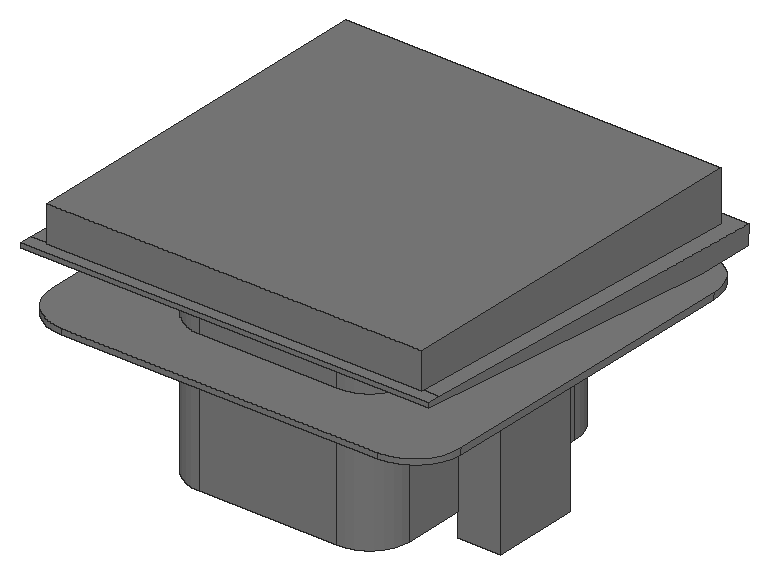
Revit family "Gira_260565", category Electrical Fixtures, host Face, Revit 2017
Family settings
  Host = Face
  Maintain Annotation Orientation = Yes
  Round Connector Dimension = Use Diameter
  Part Type = Normal
  Cut with Voids When Loaded = No
  Shared = No
  Room Calculation Point = No
Parameters (values of type "Gira Keyless In Codetastatur Gira TX_44 (WG UP) F Alu")
  Werkstoffgüte = "sonstige"
  Werkstoff = "sonstige"
  URL = "http://katalog.gira.de/de_DE/datenblatt.html?artikelnr=260565"
  Transparent = "No"
  Schutzart (IP) = "IP44"
  Region = "DE"
  Oberfläche = "sonstige"
  Name = "Gira Keyless In Codetastatur Gira TX_44 (WG UP) F Alu"
  Montageart = "unter Putz"
  Mit Busankopplung = "Yes"
  Manufacturer URL = "https://www.gira.de/"
  Keynote = "TX44_Komplettgerät_Schalten und Tasten"
  HeinzeBIM = "https://bimportal.heinze.de/bim/gira-keyless-in-codetastatur-gira-tx-44-wg-up-f-alu/368e647f0b333f7c847c57f4b0c4be24b2732564"
  HAN = "260565"
  GTIN = "4010337051411"
  Farbe = "aluminium"
  Default Elevation = 1219.2 mm
  Data sheet (1) = "https://katalog.gira.de/de_DE/download.html?artikelnr=260565"
  Category = "Bussystem-Zutrittskontrolleinrichtung"
  Bussystem Powernet = "No"
  Bussystem LON = "No"
  Bussystem KNX-Funk = "No"
  Bussystem KNX = "No"
  Bussystem Funkbus = "No"
  Available = "Yes"
  Ausführung der Oberfläche = "nicht zutreffend"
  Ausführung = "Codeschloss"
  Andere Bussysteme = "sonstige"
Reference planes
  plane 1 "Center (Front/Back)": y = 0
  plane 2 "Reference Level 0": z = 0
  plane 3 "Center (Left/Right)": x = 0
  plane 4: z = -28.6
Forms (mm)
  Extrusion 1, solid, material "Default", detail levels fine
    sketch origin (0, 0, 0) x (1, 0, 0) y (0, 1, 0)
      loop
        line (-32.604, 32.5) -> (-32.604, -32.5) -> (32.735, -32.5) -> (32.735, 32.5) -> (-32.604, 32.5)
    from 0 to 12.3
  Extrusion 2, solid, material "Default", detail levels fine
    sketch origin (0, 0, 0) x (0, 1, 0) y (0, 0, 1)
      loop
        line (35, 3.483) -> (-32.2, 6) -> (-34.55, 6) -> (-34.536, 5.199) -> (24.886, 0) -> (34.939, 0) -> (35, 3.483)
    from -35.5 to 35.5
  Extrusion 3, void
    sketch origin (0, 0, 0) x (0, 1, 0) y (0, 0, 1)
      loop
        line (42.419, 3.205) -> (-32.2, 6) -> (-42.193, 6) -> (-42.193, -11.826) -> (42.419, -11.826) -> (42.419, 3.205)
    from -64.194 to 61.264
  Extrusion 4, solid, material "Default", detail levels fine
    sketch origin (0, 0, 0) x (1, 0, 0) y (0, 1, 0)
      loop
        arc (35.5, 27.5) -> (33.157, 33.157) -> (27.5, 35.5) r 8
        line (27.5, 35.5) -> (-27.5, 35.5)
        arc (-27.5, 35.5) -> (-33.157, 33.157) -> (-35.5, 27.5) r 8
        line (-35.5, 27.5) -> (-35.5, -27.5)
        arc (-35.5, -27.5) -> (-33.157, -33.157) -> (-27.5, -35.5) r 8
        line (-27.5, -35.5) -> (27.5, -35.5)
        arc (27.5, -35.5) -> (33.157, -33.157) -> (35.5, -27.5) r 8
        line (35.5, -27.5) -> (35.5, 27.5)
    from -4.1 to -5.1
  Extrusion 5, solid, material "Default", detail levels fine
    sketch origin (0, 0, 0) x (1, 0, 0) y (0, 1, 0)
      loop
        arc (-12, 25) -> (-16.95, 22.95) -> (-19, 18) r 7
        line (-19, 18) -> (-19, -18)
        arc (-19, -18) -> (-16.95, -22.95) -> (-12, -25) r 7
        line (-12, -25) -> (12, -25)
        arc (12, -25) -> (16.95, -22.95) -> (19, -18) r 7
        line (19, -18) -> (19, 18)
        arc (19, 18) -> (16.95, 22.95) -> (12, 25) r 7
        line (12, 25) -> (-12, 25)
    from 4.692 to -28.6
  Extrusion 6, solid, material "Default", detail levels fine
    sketch origin (0, 0, 0) x (1, 0, 0) y (0, 1, 0)
      loop
        line (-26.5, -7.5) -> (-19, -7.5) -> (-19, 7.5) -> (-26.5, 7.5) -> (-26.5, -7.5)
    from -5.1 to -32.6
  Extrusion 7, solid, material "Default", detail levels fine
    sketch origin (0, 0, 0) x (-1, 0, 0) y (0, -1, 0)
      loop
        line (-26.5, 7.5) -> (-26.5, -7.5) -> (-19, -7.5) -> (-19, 7.5) -> (-26.5, 7.5)
    from -5.1 to -32.6
  Extrusion 8, solid, material "Default", detail levels medium
    sketch origin (0, 0, 0) x (1, 0, 0) y (0, 1, 0)
      loop
        line (-32.604, 32.5) -> (-32.604, -32.5) -> (32.735, -32.5) -> (32.735, 32.5) -> (-32.604, 32.5)
    from 0 to 12.3
  Extrusion 9, solid, material "Default", detail levels medium
    sketch origin (0, 0, 0) x (0, 1, 0) y (0, 0, 1)
      loop
        line (35, 3.483) -> (-32.2, 6) -> (-34.55, 6) -> (-34.445, 0) -> (34.939, 0) -> (35, 3.483)
    from -35.5 to 35.5
  Extrusion 10, solid, material "Default", detail levels medium
    sketch origin (0, 0, 0) x (1, 0, 0) y (0, 1, 0)
      loop
        line (-26.5, 25) -> (-26.5, -25) -> (26.5, -25) -> (26.5, 25) -> (-26.5, 25)
    from 4.692 to -32.6
  Extrusion 11, solid, material "Default", detail levels medium
    sketch origin (0, 0, 0) x (1, 0, 0) y (0, 1, 0)
      loop
        line (35.5, 35.5) -> (-35.5, 35.5) -> (-35.5, -35.5) -> (35.5, -35.5) -> (35.5, 35.5)
    from -4.1 to -5.1
  Extrusion 12, solid, material "Default", detail levels coarse
    sketch origin (0, 0, 0) x (1, 0, 0) y (0, 1, 0)
      loop
        line (35.5, 35.5) -> (-35.5, 35.5) -> (-35.5, -35.5) -> (35.5, -35.5) -> (35.5, 35.5)
    from -32.6 to 12.3
Cuts and joins
  Extrusion 3 cuts Extrusion 1
  joined: Extrusion 1, Extrusion 2, Extrusion 4, Extrusion 5, Extrusion 6, Extrusion 7
Dimensions and locks
  Extrusion 12 to Extrusion 12 = 44.9 mm
  aligned and locked: plane 2 "Reference Level 0" to host face
  aligned and locked: level to host face
  aligned and locked: plane 3 "Center (Left/Right)" to nested 1
  aligned and locked: plane 1 "Center (Front/Back)" to nested 1
Nested families
  nested 1: "Schalter" at (0, 0, 0), type "Schalter"
Connectors
  electrical at (0, 0, -32.6)
    settings: on Extrusion 12, index 1, voltage 220 V, apparent load 0 VA, apparent load phase1 0 VA, apparent load phase2 0 VA, apparent load phase3 0 VA, power factor 1, load classification "Other", number of poles 1, system type 30, power factor state 1, is connector primary yes, connector utility no, sub classification motor no, connector description ""
Definition of nested family "Schalter"
  Reference planes
    plane 1: y = 0
    plane 2: x = 0
  Lines and regions (mm)
    detail lines
      curve 1: circle (1.375, 2.778, 0) r 0.8 normal (0, 0, 1)
      curve 2: line (1.021, 2.061, 0) -> (0, 0, 0)
      curve 3: line (0, 0, 0) -> (-0.538, 0.266, 0)
  Dimensions and locks
    curve 2 to curve 2 = 2.3 mm
    curve 3 to curve 2 = 0.6 mm
    radius of curve 1 = 0.8 mm
